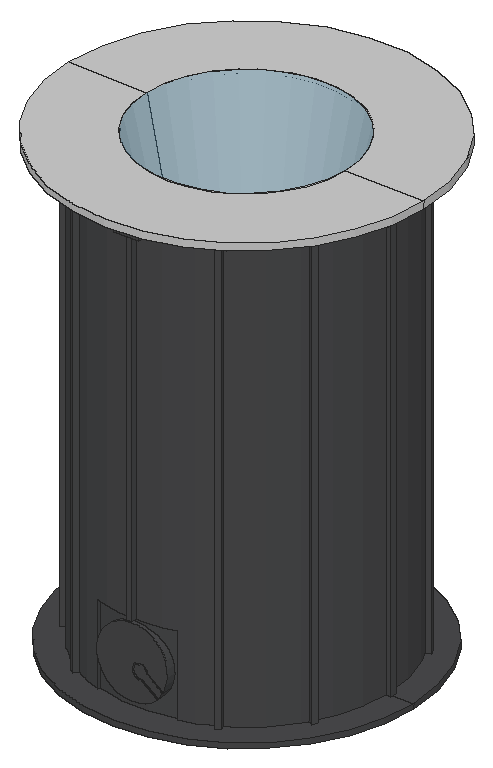
Revit family "LED COB INGROUND 12W_LKP0128WW.12", category Luminarias, Revit 2019
Family settings
  Cota de conector redondo = Diámetro de uso
  Tipo de pieza = Normal
  Se basa en plano de trabajo = Sí
  Siempre vertical = No
  Corte con vacíos al cargar = No
  Origen de luz = Sí
  Compartido = No
  Punto de cálculo de habitación = No
Parameters (values of type "EMP_LKP0128WW.12")
  Ángulo de inclinación = 105.00°
  Ángulo de enfoque = 12.00°
  Ángulo de campo de foco = 12.00°
  Zone [instance] = ""
  Watt per fixture = 14
  Wattage = 14 W
  built-in parameter 1150107 = 3000 (stored number, unit not read)
  built-in parameter 1150110 = 1 (stored number, unit not read)
  built-in parameter 1150109 = 1 (stored number, unit not read)
  built-in parameter 1150112 = 1 (stored number, unit not read)
  built-in parameter 1150113 = 1 (stored number, unit not read)
  built-in parameter 1114218 = 1 (stored number, unit not read)
  Keynote = ""
  built-in parameter 1150137 = (empty or 0)
  built-in parameter 1150132 = (empty or 0)
  Modelo = "LKP0128WW.12"
  Lámpara = "NICHIA"
  Longitud de símbolo de origen de luz = 500 mm
  built-in parameter 1150105 = 49519.7 (stored number, unit not read)
  built-in parameter 1150102 = (empty or 0)
  built-in parameter 1150106 = 495.2 (stored number, unit not read)
  Lumens = 1229.9 lm
  Color Filter = 16777215
  built-in parameter 1114217 = 1 (stored number, unit not read)
  built-in parameter 1150139 = (empty or 0)
  Fabricante = "BRILLANT"
  Default Elevation = 0 mm
  built-in parameter 1150104 = 8.1615 (stored number, unit not read)
  Descripción = "LUMINARIA TIPO CIRCULAR PARA EMPOTRAR EN PISO CON CUERPO DE ALUMINIO FUNDIDO A PRESION CUBIERTO CON POLVO GRIS OSCURO, CON CUBIERTA DE ACERO INOXIDABLE Y VIDRIO TEMPLADO DE 8MM, HOUSING TIPO ABS DE 155MM DE DIAMETRO Y 220MM DE PROFUNDO. CUENTA CON 12 LED COB TIPO NICHIA CON UNA POTENCIA TOTAL DE 14W, A UNA TEMPERATURA EN BLANCO CALIDO 3000K CON 1230 LUMENES, 102mA EN CORRIENTE DE OPERACIÓN, IP67, IK10, IRC 80, APERTURA EN 12 GRADOS POR PROYECTO, ALIMENTADA A 100-277V"
  built-in parameter 1150115 = 1 (stored number, unit not read)
  built-in parameter 1150114 = 1 (stored number, unit not read)
  Comentarios de vataje = "100-277V"
  built-in parameter 1150138 = (empty or 0)
  built-in parameter 1150134 = (empty or 0)
  Circuit [instance] = ""
  Dimming Lamp Color Temperature Shift = (empty or 0)
  built-in parameter 1150133 = 10 (stored number, unit not read)
Reference planes
  plane 1 "Centro (Frontal/Posterior)": y = 0
  plane 2: z = 0
  plane 3 "Centro (Izquierda/Derecha)": x = 0
  plane 4: z = -220
  plane 5: z = -128
  plane 6 "PEND": y = 20
  plane 7 "Centro I/E": y = -15
  plane 8: x = -77.5
  plane 9: x = 77.5
Forms (mm)
  Revolve 1, solid, material "Acero Inoxidable"
    sketch origin (0, 0, 0) x (1, 0, 0) y (0, 0, 1)
      loop
        line (-38.059, -45.88) -> (-48.546, 3.457) -> (-86.5, 3.457) -> (-86.5, 0) -> (-59, 0) -> (-59, -117.969) -> (0, -117.969) -> (0, -45.88) -> (-38.059, -45.88)
      axis (0, 3.457) -> (0, -117.969)
    angle from 0 to 360
  Extrusion 2, solid, material "Cristal"
    sketch origin (0, 0, 0) x (1, 0, 0) y (0, 1, 0)
      loop
        circle (0, 0) r 48.546
    from 1.93 to 3.457
  Extrusion 3, solid, material "Plastico"
    sketch origin (0, 0, 0) x (1, 0, 0) y (0, 1, 0)
      loop
        circle (0, 0) r 10
    from -128 to -123.044
  Extrusion 4, solid, material "Cobre"
    sketch origin (0, 0, 0) x (1, 0, 0) y (0, 1, 0)
      loop
        line (12.101, 0) -> (6.051, 10.48) -> (-6.051, 10.48) -> (-12.101, 0) -> (-6.051, -10.48) -> (6.051, -10.48) -> (12.101, 0)
    from -123.044 to -117.969
  Revolve 5, solid, material "Plastico"
    sketch origin (0, 0, 0) x (1, 0, 0) y (0, 0, 1)
      loop
        line (-77.5, -0.88) -> (-77.5, -4.48) -> (-69.055, -4.48) -> (-69.055, -217.5) -> (-81.5, -217.5) -> (-81.5, -220) -> (-30.747, -220) -> (0, -220) -> (0, -217.5) -> (-59.119, -217.5) -> (-59.119, -0.88) -> (-77.5, -0.88)
      axis (0, -0.88) -> (0, -220)
    angle from 0 to 360
  Extrusion 6, solid, material "Plastico"
    sketch origin (0, 0, 0) x (1, 0, 0) y (0, 1, 0)
      loop
        line (-69.04, 1.342) -> (-71.413, 1.342) -> (-71.413, -1.342) -> (-69.04, -1.342)
        arc (-69.04, -1.342) -> (-69.055, 0) -> (-69.04, 1.342) r 59.642
      loop
        line (-59.119, 35.682) -> (-61.196, 36.882) -> (-62.539, 34.557) -> (-60.461, 33.357)
        arc (-60.461, 33.357) -> (-59.803, 34.527) -> (-59.119, 35.682) r 59.642
      loop
        line (-33.357, 60.461) -> (-34.529, 62.491) -> (-36.854, 61.149) -> (-35.682, 59.119)
        arc (-35.682, 59.119) -> (-34.527, 59.803) -> (-33.357, 60.461) r 59.642
      loop
        line (1.342, 69.04) -> (1.342, 71.384) -> (-1.342, 71.384) -> (-1.342, 69.04)
        arc (-1.342, 69.04) -> (0, 69.055) -> (1.342, 69.04) r 59.642
      loop
        arc (69.04, 1.342) -> (69.055, 0) -> (69.04, -1.342) r 59.642
        line (69.04, -1.342) -> (71.413, -1.342) -> (71.413, 1.342) -> (69.04, 1.342)
      loop
        arc (59.119, 35.682) -> (59.803, 34.527) -> (60.461, 33.357) r 59.642
        line (60.461, 33.357) -> (62.539, 34.557) -> (61.196, 36.882) -> (59.119, 35.682)
      loop
        arc (33.357, 60.461) -> (34.527, 59.803) -> (35.682, 59.119) r 59.642
        line (35.682, 59.119) -> (36.854, 61.149) -> (34.529, 62.491) -> (33.357, 60.461)
      loop
        arc (-59.119, -35.682) -> (-59.803, -34.527) -> (-60.461, -33.357) r 59.642
        line (-60.461, -33.357) -> (-62.539, -34.557) -> (-61.196, -36.882) -> (-59.119, -35.682)
      loop
        arc (-33.357, -60.461) -> (-34.527, -59.803) -> (-35.682, -59.119) r 59.642
        line (-35.682, -59.119) -> (-36.854, -61.149) -> (-34.529, -62.491) -> (-33.357, -60.461)
      loop
        arc (1.342, -69.04) -> (0, -69.055) -> (-1.342, -69.04) r 59.642
        line (-1.342, -69.04) -> (-1.342, -71.384) -> (1.342, -71.384) -> (1.342, -69.04)
      loop
        line (59.119, -35.682) -> (61.196, -36.882) -> (62.539, -34.557) -> (60.461, -33.357)
        arc (60.461, -33.357) -> (59.803, -34.527) -> (59.119, -35.682) r 59.642
      loop
        line (33.357, -60.461) -> (34.529, -62.491) -> (36.854, -61.149) -> (35.682, -59.119)
        arc (35.682, -59.119) -> (34.527, -59.803) -> (33.357, -60.461) r 59.642
    from -217.5 to -4.48
  Extrusion 7, void
    sketch origin (3.125, 0, 0) x (1, 0, 0) y (0, 1, 0)
      loop
        circle (-3.125, -65.006) r 1.981
      loop
        circle (61.851, -0.03) r 1.981
      loop
        circle (-68.101, -0.03) r 1.981
      loop
        circle (-3.095, 64.976) r 1.981
    from -220 to -216.767
  Extrusion 8, void
    sketch origin (0, -11.405, 0) x (1, 0, 0) y (0, 1, 0)
      loop
        line (-1.342, -57.635) -> (-1.342, -59.979) -> (1.342, -59.979) -> (1.342, -57.635) -> (-1.342, -57.635)
    from -217.5 to -178.507
  Extrusion 9, void
    sketch origin (0, 0, 0) x (1, 0, 0) y (0, 1, 0)
      loop
        line (19.48, -67.947) -> (19.48, -64.931)
        arc (19.48, -64.931) -> (-0.004, -67.85) -> (-19.48, -64.872) r 65.829
        line (-19.48, -64.872) -> (-19.48, -67.609)
        arc (-19.48, -67.609) -> (-0.022, -70.266) -> (19.48, -67.947) r 77.5
    from -217.5 to -178.507
  Extrusion 10, solid, material "Plastico"
    sketch origin (0, 0, 0) x (1, 0, 0) y (0, 0, 1)
      loop
        arc (15.228, -205.467) -> (-13.875, -187.312) -> (12.384, -209.381) r 17.194
        line (12.384, -209.381) -> (4.761, -203.843)
        arc (4.761, -203.843) -> (0.929, -198.068) -> (7.605, -199.928) r 3.698
        line (7.605, -199.928) -> (15.228, -205.467)
      loop
        line (4.897, -203.076) -> (12.864, -208.865) -> (14.886, -206.083) -> (6.918, -200.294)
        arc (6.918, -200.294) -> (1.496, -198.48) -> (4.897, -203.076) r 2.998
    from 64.93 to 69.585
  Extrusion 11, solid, material "Plastico"
    sketch origin (0, 0, 0) x (1, 0, 0) y (0, 1, 0)
      loop
        line (-5.899, 73.187) -> (-5.899, 68.802)
        arc (-5.899, 68.802) -> (0, 69.055) -> (5.899, 68.802) r 69.055
        line (5.899, 68.802) -> (5.899, 73.187)
        arc (5.899, 73.187) -> (0, 73.439) -> (-5.899, 73.187) r 69.055
      loop
        arc (-5.899, -73.187) -> (0, -73.439) -> (5.899, -73.187) r 69.055
        line (5.899, -73.187) -> (5.899, -68.802)
        arc (5.899, -68.802) -> (0, -69.055) -> (-5.899, -68.802) r 69.055
        line (-5.899, -68.802) -> (-5.899, -73.187)
      loop
        arc (73.187, -5.899) -> (73.439, 0) -> (73.187, 5.899) r 69.055
        line (73.187, 5.899) -> (68.802, 5.899)
        arc (68.802, 5.899) -> (69.055, 0) -> (68.802, -5.899) r 69.055
        line (68.802, -5.899) -> (73.187, -5.899)
      loop
        line (-73.187, -5.899) -> (-68.802, -5.899)
        arc (-68.802, -5.899) -> (-69.055, 0) -> (-68.802, 5.899) r 69.055
        line (-68.802, 5.899) -> (-73.187, 5.899)
        arc (-73.187, 5.899) -> (-73.439, 0) -> (-73.187, -5.899) r 69.055
    from -10.055 to -4.48
Cuts and joins
  Extrusion 7, Extrusion 9 cuts Revolve 5
  Extrusion 7, Extrusion 8, Extrusion 9 cuts Revolve 1
  Extrusion 8 cuts Extrusion 6
Dimensions and locks
  plane 2 to plane 4 = 220 mm
  level to plane 4 = 220 mm
  level to Extrusion 3 = 128 mm
  plane 3 "Centro (Izquierda/Derecha)" to Revolve 5 sketch curve = 81.5 mm
  Revolve 1 sketch curve to Revolve 1 sketch curve = 86.5 mm
  Revolve 5 sketch curve to Revolve 5 sketch curve = 77.5 mm
  aligned and locked: level to plane 2
Connectors
  electrical at (0, 0, -220)
    settings: on cut or joined group of Revolve 5, Extrusion 7, Extrusion 9, index 1, voltage 277 V, apparent load 0 VA, apparent load phase1 0 VA, apparent load phase2 0 VA, apparent load phase3 0 VA, power factor 1, load classification "Otro", number of poles 1, system type 31, power factor state 1, is connector primary yes, connector utility no, sub classification motor no, connector description ""
